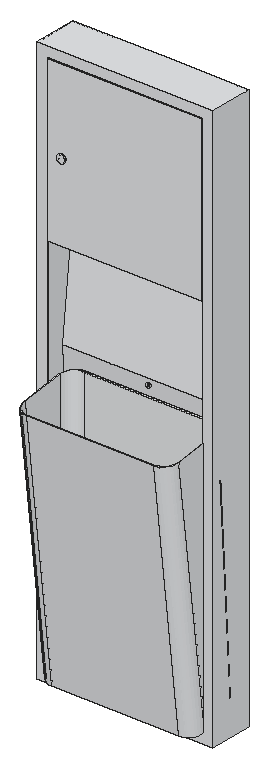
Revit family "Stainless Steel Surface Mount Panel_IN", category Generic Models, Revit 2017
Family settings
  Can host rebar = No
  Round Connector Dimension = Use Diameter
  Part Type = Normal
  Work Plane-Based = No
  Always vertical = Yes
  Cut with Voids When Loaded = No
  Shared = No
  Room Calculation Point = No
Parameters
  Website = "https://dolphy.in/"  # constant formula
  M&L = Dolphy_CHROME
  Contact number = "+91 9520202035"  # constant formula
  Contact email = "info@dolphy.in"  # constant formula
  Company = "Dolphy India"  # constant formula
Reference planes
  plane 1 "Center (Front/Back)": y = 0
  plane 2: z = 0
  plane 3 "Center (Left/Right)": x = 0
Forms (mm)
  Extrusion 1, solid, material "Dolphy_CHROME" <- "M&L"
    sketch origin (-0.016, 0, 0) x (1, 0, 0) y (0, 1, 0)
      loop
        line (-218.184, 0) -> (-218.184, -1.033) -> (0, -1.033) -> (218.216, -1.033) -> (218.216, 0) -> (0, 0) -> (-218.184, 0)
    from 0 to 1420
  Extrusion 2, solid, material "Dolphy_CHROME" <- "M&L"
    sketch origin (0, 1.05, 0) x (1, 0, 0) y (0, 1, 0)
      loop
        line (-219, -1.05) -> (-219, -111.05) -> (-218.2, -111.05) -> (-218.2, -1.05) -> (-219, -1.05)
      loop
        line (219, -1.05) -> (218.2, -1.05) -> (218.2, -111.05) -> (219, -111.05) -> (219, -1.05)
    from 0 to 1420
  Extrusion 3, solid, material "Dolphy_CHROME" <- "M&L"
    sketch origin (-219.148, -110, 0) x (1, 0, 0) y (0, 0, 1)
      loop
        line (437.348, 1420) -> (0.948, 1420) -> (0.948, 0) -> (437.348, 0) -> (437.348, 1420)
    from 0 to -0.8
  Extrusion 4, void
    sketch origin (-219.148, -109.2, 0) x (-1, 0, 0) y (0, 0, 1)
      loop
        line (-25.948, 25) -> (-25.948, 1395) -> (-412.348, 1395) -> (-412.348, 25) -> (-25.948, 25)
    from -25.048 to 51.083
  SweptBlend 5, solid, material "Dolphy_CHROME" <- "M&L"
    path in 3D
      loop
        line (0, -217.5, 655.04) -> (0, -139.504, 19.81)
    profile origin (0, -217.5, 655.04) x (0, 0.992546, 0.121869) y (1, 0, 0)
      loop
        arc (145, -193) -> (169.749, -182.749) -> (180, -158) r 35
        line (180, -158) -> (180, 158)
        arc (180, 158) -> (169.749, 182.749) -> (145, 193) r 35
        line (145, 193) -> (35, 193)
        arc (35, 193) -> (10.251, 182.749) -> (0, 158) r 35
        line (0, 158) -> (0, -158)
        arc (0, -158) -> (10.251, -182.749) -> (35, -193) r 35
        line (35, -193) -> (145, -193)
    end profile origin (0, -139.504, 19.81) x (0, 0.992546, 0.121869) y (1, 0, 0)
      loop
        arc (104.775, -193.795) -> (129.523, -183.544) -> (139.775, -158.795) r 35
        line (139.775, -158.795) -> (139.775, 158.385)
        arc (139.775, 158.385) -> (129.523, 183.133) -> (104.775, 193.385) r 35
        line (104.775, 193.385) -> (35, 193.385)
        arc (35, 193.385) -> (10.251, 183.133) -> (0, 158.385) r 35
        line (0, 158.385) -> (0, -158.795)
        arc (0, -158.795) -> (10.251, -183.544) -> (35, -193.795) r 35
        line (35, -193.795) -> (104.775, -193.795)
  Extrusion 6, solid, material "Dolphy_CHROME" <- "M&L"
    sketch origin (0, 1.05, 0) x (0, 1, 0) y (1, 0, 0)
      loop
        line (-2.084, 0) -> (-2.084, 218.2) -> (-111.05, 218.2) -> (-111.05, -218.2) -> (-2.084, -218.2) -> (-2.084, 0)
    from 0 to -0.8
  Sweep 7, solid, material "Dolphy_CHROME" <- "M&L"
    path origin (0, 0, 0) x (0, 1, 0) y (0, 0, 1)
      loop
        line (-30, 625.903) -> (-37.576, 715.987)
        arc (-37.576, 715.987) -> (-10.903, 935.209) -> (-20.144, 1155.854) r 1356.922
    profile origin (0, -33.788, 670.945) x (0, -0.996482, -0.083804) y (1, 0, 0)
      loop
        line (0, -213.2) -> (0, 213.2) -> (-1.2, 213.2) -> (-1.2, -213.2) -> (0, -213.2)
  Extrusion 8, solid, material "Dolphy_CHROME" <- "M&L"
    sketch origin (-219.148, -109.2, 0) x (1, 0, 0) y (0, 0, 1)
      loop
        line (27.67, 1393.053) -> (27.67, 987.575) -> (409.974, 987.575) -> (409.974, 1393.053) -> (27.67, 1393.053)
    from -7.578 to 1.793
  SweptBlend 9, void
    path in 3D
      loop
        line (0, -217.5, 655.04) -> (0, -139.504, 19.81)
    profile origin (0, -217.5, 655.04) x (0, 0.992546, 0.121869) y (1, 0, 0)
      loop
        line (178, -158) -> (178, 158)
        arc (178, 158) -> (168.335, 181.335) -> (145, 191) r 33
        line (145, 191) -> (35, 191)
        arc (35, 191) -> (11.665, 181.335) -> (2, 158) r 33
        line (2, 158) -> (2, -158)
        arc (2, -158) -> (11.665, -181.335) -> (35, -191) r 33
        line (35, -191) -> (145, -191)
        arc (145, -191) -> (168.335, -181.335) -> (178, -158) r 33
    end profile origin (0, -139.504, 19.81) x (0, 0.992546, 0.121869) y (1, 0, 0)
      loop
        arc (97.429, 163.093) -> (89.982, 182.265) -> (71.547, 191.385) r 28.404
        line (71.547, 191.385) -> (35, 191.385)
        arc (35, 191.385) -> (11.665, 181.719) -> (2, 158.385) r 33
        line (2, 158.385) -> (2, -158.795)
        arc (2, -158.795) -> (11.876, -182.338) -> (35.592, -191.79) r 33
        line (35.592, -191.79) -> (65.273, -191.79)
        arc (65.273, -191.79) -> (88.966, -181.423) -> (97.429, -156.985) r 32.257
        line (97.429, -156.985) -> (97.429, 163.093)
  Extrusion 10, solid, material "Dolphy_CHROME" <- "M&L"
    sketch origin (-0.205, -70.137, 28.327) x (0, 0.992546, 0.121869) y (1, 0, 0)
      loop
        line (-26.413, 191.59) -> (-34.887, 191.59)
        arc (-34.887, 191.59) -> (-58.222, 181.924) -> (-67.887, 158.59) r 33
        line (-67.887, 158.59) -> (-67.887, -158.59)
        arc (-67.887, -158.59) -> (-58.012, -182.133) -> (-34.295, -191.585) r 33
        line (-34.295, -191.585) -> (-26.413, -191.585) -> (-26.413, 191.59)
    from 0 to -0.8
  Extrusion 11, solid, material "Dolphy_CHROME" <- "M&L"
    sketch origin (-0.016, 0, 1420) x (1, 0, 0) y (0, 1, 0)
      loop
        line (-218.184, -1.033) -> (-218.184, -109.2) -> (218.216, -109.2) -> (218.216, -1.033) -> (0, -1.033) -> (-218.184, -1.033)
    from 0 to -0.8
  Extrusion 12, solid, material "Dolphy_CHROME" <- "M&L"
    sketch origin (-219.148, -110.993, 0) x (1, 0, 0) y (0, 0, 1)
      loop
        circle (61.955, 1182.637) r 10
      loop
        line (56.117, 1183.62) -> (56.117, 1181.74) -> (67.853, 1181.74) -> (67.853, 1183.62) -> (56.117, 1183.62)
    from 0 to 2.5
  Extrusion 13, solid, material "Dolphy_CHROME" <- "M&L"
    sketch origin (213.2, -30, 625.903) x (0, -0.083804, 0.996482) y (-1, 0, 0)
      loop
        circle (75.176, 213.2) r 5
      loop
        line (78.562, 213.074) -> (76.688, 214.156) -> (75.259, 216.63) -> (73.958, 214.377) -> (71.92, 213.2) -> (74.028, 211.983) -> (75.239, 209.885) -> (76.732, 212.018) -> (78.562, 213.074)
    from 0 to 2.5
Cuts and joins
  Extrusion 4 cuts Extrusion 1
  Extrusion 4 cuts Extrusion 3
  joined: Extrusion 1, Extrusion 2, Extrusion 3, Extrusion 6, Extrusion 10, Extrusion 11
  SweptBlend 9 cuts SweptBlend 5
Lines and regions (mm)
  reference lines
    curve 1: line (0, -217.5, 655.04) -> (0, -139.504, 19.81)
    curve 4: line (0, -217.5, 655.04) -> (0, -217.5, 1535.04)
  sketch lines
    curve 2: line (0, -217.5, 655.04) -> (0, -139.504, 19.81)
    curve 3: line (0, -217.5, 655.04) -> (0, -139.504, 19.81)
Dimensions and locks
  Extrusion 1 to Extrusion 2 sketch curve = 110.00 mm  (x2)
  Extrusion 2 to SweptBlend 5 sketch curve = 26.00 mm
  SweptBlend 5 sketch curve to Extrusion 2 = 26.00 mm
  Extrusion 2 to Extrusion 2 = 438.00 mm
  Extrusion 2 to Extrusion 2 = 1420.00 mm
  curve 4 to Extrusion 2 = 217.50 mm
  aligned and locked: level to plane 2
Automatic sketch dimensions
  Extrusion 2 sketch curve to plane 1 "Center (Front/Back)" = 0.00 mm  (x2)
  Extrusion 2 sketch curve to plane 3 "Center (Left/Right)" = 219.00 mm
  Extrusion 2 sketch curve to Extrusion 2 sketch curve = 0.80 mm  (x2)
  plane 3 "Center (Left/Right)" to Extrusion 2 sketch curve = 218.20 mm
  Extrusion 3 sketch curve to Extrusion 2 = 0.00 mm  (x2)
  Extrusion 3 sketch curve to Extrusion 2 = 0.80 mm
  Extrusion 2 to Extrusion 3 sketch curve = 436.40 mm
  Extrusion 3 to Extrusion 4 sketch curve = 25.00 mm  (x4)
  SweptBlend 5 sketch curve to profile plane = 0.00 mm  (x2)
  SweptBlend 5 sketch curve to profile plane = 35.00 mm  (x4)
  SweptBlend 5 sketch curve to SweptBlend 5 sketch curve = 110.00 mm  (x2)
  SweptBlend 5 sketch curve to SweptBlend 5 sketch curve = 35.00 mm  (x2)
  SweptBlend 5 sketch curve to SweptBlend 5 sketch curve = 69.775 mm  (x2)
  SweptBlend 5 sketch curve to profile plane = 193.795 mm
  profile plane to SweptBlend 5 sketch curve = 158.385 mm
  Extrusion 2 to Extrusion 6 sketch curve = 0.00 mm
  Extrusion 6 sketch curve to Extrusion 2 = 0.00 mm  (x2)
  Extrusion 2 to Extrusion 6 sketch curve = 1.033 mm
  Extrusion 6 sketch curve to Extrusion 6 sketch curve = 218.20 mm
  Sweep 7 sketch curve to profile plane = 0.00 mm
  profile plane to Sweep 7 sketch curve = 1.20 mm
  Sweep 7 sketch curve to plane 3 "Center (Left/Right)" = 213.20 mm
  plane 3 "Center (Left/Right)" to Sweep 7 sketch curve = 213.20 mm
  Extrusion 8 sketch curve to Extrusion 3 = 26.722 mm
  Extrusion 8 sketch curve to Extrusion 3 = 27.374 mm
  Extrusion 8 sketch curve to Extrusion 3 = 432.425 mm
  Extrusion 8 sketch curve to Extrusion 3 = 26.947 mm
  SweptBlend 9 sketch curve to profile plane = 2.00 mm  (x2)
  SweptBlend 9 sketch curve to SweptBlend 9 sketch curve = 33.00 mm  (x3)
  SweptBlend 9 sketch curve to profile plane = 35.00 mm  (x2)
  SweptBlend 9 sketch curve to SweptBlend 9 sketch curve = 110.00 mm  (x2)
  SweptBlend 9 sketch curve to profile plane = 191.00 mm
  profile plane to SweptBlend 9 sketch curve = 158.00 mm
  SweptBlend 9 sketch curve to SweptBlend 9 sketch curve = 0.592 mm
  SweptBlend 9 sketch curve to SweptBlend 9 sketch curve = 30.273 mm
  SweptBlend 9 sketch curve to SweptBlend 9 sketch curve = 34.025 mm
  SweptBlend 9 sketch curve to SweptBlend 9 sketch curve = 2.521 mm
  SweptBlend 9 sketch curve to SweptBlend 9 sketch curve = 28.404 mm
  SweptBlend 9 sketch curve to profile plane = 191.79 mm
  SweptBlend 9 sketch curve to SweptBlend 9 sketch curve = 0.738 mm
  profile plane to SweptBlend 9 sketch curve = 158.385 mm
  Extrusion 10 sketch curve to Extrusion 10 sketch curve = 33.00 mm
  Extrusion 10 sketch curve to SweptBlend 5 = 2.005 mm
  Extrusion 10 sketch curve to Extrusion 10 sketch curve = 7.883 mm
  Extrusion 10 sketch curve to SweptBlend 5 = 35.00 mm
  plane 1 "Center (Front/Back)" to Extrusion 1 sketch curve = 0.00 mm
  Extrusion 1 sketch curve to plane 3 "Center (Left/Right)" = 218.20 mm
  Extrusion 1 sketch curve to plane 3 "Center (Left/Right)" = 0.016 mm  (x2)
  plane 3 "Center (Left/Right)" to Extrusion 1 sketch curve = 218.20 mm
  plane 1 "Center (Front/Back)" to Extrusion 1 sketch curve = 1.033 mm
  Extrusion 11 sketch curve to Extrusion 1 = 0.00 mm  (x2)
  Extrusion 11 sketch curve to Extrusion 1 = 218.184 mm
  Extrusion 11 sketch curve to Extrusion 11 sketch curve = 108.167 mm
  Extrusion 11 sketch curve to Extrusion 1 = 1.033 mm
  plane 1 "Center (Front/Back)" to curve 4 = 217.50 mm
  level to curve 1 = 19.81 mm
  plane 1 "Center (Front/Back)" to curve 1 = 139.504 mm
  curve 1 to curve 4 = 635.23 mm
  curve 1 to curve 4 = 880.00 mm
  Extrusion 12 sketch curve to Extrusion 8 = 28.447 mm
  Extrusion 12 sketch curve to Extrusion 12 sketch curve = 5.838 mm
  Extrusion 12 sketch curve to Extrusion 12 sketch curve = 5.898 mm
  Extrusion 12 sketch curve to Extrusion 8 = 194.165 mm
  Extrusion 12 sketch curve to Extrusion 12 sketch curve = 0.897 mm
  Extrusion 12 sketch curve to Extrusion 12 sketch curve = 1.879 mm
  plane 1 "Center (Front/Back)" to Sweep 7 sketch curve = 1366.761 mm
  level to Sweep 7 sketch curve = 988.943 mm
  plane 1 "Center (Front/Back)" to Sweep 7 sketch curve = 37.576 mm
  plane 1 "Center (Front/Back)" to Sweep 7 sketch curve = 30.00 mm
  plane 1 "Center (Front/Back)" to Sweep 7 sketch curve = 20.144 mm
  level to Sweep 7 sketch curve = 715.987 mm
  Sweep 7 sketch curve to Sweep 7 sketch curve = 90.084 mm
  Extrusion 13 sketch curve to Sweep 7 = 18.482 mm
  Extrusion 13 sketch curve to Extrusion 13 sketch curve = 2.039 mm
  Extrusion 13 sketch curve to Extrusion 13 sketch curve = 0.069 mm
  Extrusion 13 sketch curve to Extrusion 13 sketch curve = 1.148 mm
  Extrusion 13 sketch curve to Extrusion 13 sketch curve = 1.211 mm
  Extrusion 13 sketch curve to Extrusion 13 sketch curve = 1.301 mm
  Extrusion 13 sketch curve to Extrusion 13 sketch curve = 1.512 mm
  Extrusion 13 sketch curve to Sweep 7 = 209.885 mm
  Extrusion 13 sketch curve to Extrusion 13 sketch curve = 2.098 mm
  Extrusion 13 sketch curve to Extrusion 13 sketch curve = 1.217 mm  (x2)
  Extrusion 13 sketch curve to Extrusion 13 sketch curve = 0.956 mm
  Extrusion 13 sketch curve to Extrusion 13 sketch curve = 1.177 mm
  Extrusion 13 sketch curve to Extrusion 13 sketch curve = 2.253 mm
  Extrusion 13 sketch curve to Extrusion 13 sketch curve = 1.556 mm
  Extrusion 13 sketch curve to Extrusion 13 sketch curve = 1.874 mm
  Extrusion 13 sketch curve to Extrusion 13 sketch curve = 1.182 mm
  Extrusion 13 sketch curve to Extrusion 13 sketch curve = 1.056 mm
  radius of Extrusion 10 sketch curve to SweptBlend 5 = 2.00 mm
  radius of Extrusion 12 sketch curve = 10.00 mm
  radius of Extrusion 13 sketch curve = 5.00 mm
